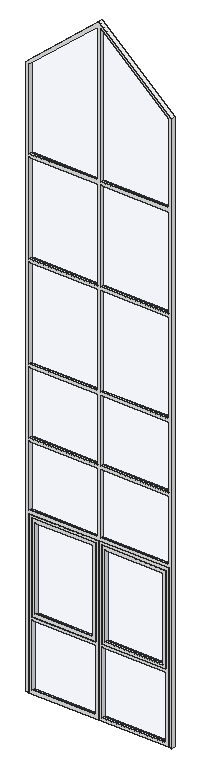
Revit family "GNW_A3-AL02-Clerestorey", category Doors, host Wall, Revit 2016
Family settings
  Host = Wall
  Always vertical = Yes
  Cut with Voids When Loaded = No
  Shared = No
  Room Calculation Point = No
Parameters (values of type "AL02")
  Function = Interior
  Frame Projection Ext. = 25 mm
  Frame Projection Int. = 25 mm
  Frame Width = 75 mm
  Height = 8315 mm
  Wall Closure = By host
  Width = 2200 mm
  Construction Type = "AL02"
  Bumper Rail Height = 1020 mm
  Assembly Code = ""
Reference planes
  plane 1: y = 0
  plane 2 "Center (Left/Right)": x = 0
  plane 3 "Left": x = -1100
  plane 4 "Right": x = 1100
  plane 5: z = 2465
  plane 6 "Exterior": y = 172.5
  plane 7 "Interior": y = -172.5
  plane 8: z = 1020
  plane 9: z = 1232.5
  plane 10: z = 5865
  plane 11: z = 3400
  plane 12: z = 4420
  plane 13: z = 9575
  plane 14: z = 8653
Forms (mm)
  Extrusion 1, solid, material "Aluminium"
    sketch origin (0, 172.5, 0) x (1, 0, 0) y (0, 0, 1)
      loop
        line (1055, 5865) -> (1055, 7242.5) -> (22.5, 7242.5) -> (22.5, 5865) -> (1055, 5865)
      loop
        line (1100, 0) -> (1100, 8516.283) -> (0, 9438.283) -> (-1100, 8516.283) -> (-1100, 0) -> (-1055, 0) -> (-1055, 2420) -> (1055, 2420) -> (1055, 0) -> (1100, 0)
      loop
        line (1055, 5820) -> (22.5, 5820) -> (22.5, 4442.5) -> (1055, 4442.5) -> (1055, 5820)
      loop
        line (-1055, 5820) -> (-1055, 4442.5) -> (-22.5, 4442.5) -> (-22.5, 5820) -> (-1055, 5820)
      loop
        line (1055, 2465) -> (1055, 3400) -> (22.5, 3400) -> (22.5, 2465) -> (1055, 2465)
      loop
        line (-22.5, 2465) -> (-22.5, 3400) -> (-1055, 3400) -> (-1055, 2465) -> (-22.5, 2465)
      loop
        line (1055, 3445) -> (1055, 4397.5) -> (22.5, 4397.5) -> (22.5, 3445) -> (1055, 3445)
      loop
        line (-22.5, 4397.5) -> (-1055, 4397.5) -> (-1055, 3445) -> (-22.5, 3445) -> (-22.5, 4397.5)
      loop
        line (1055, 8495.285) -> (22.5, 9360.707) -> (22.5, 7287.5) -> (1055, 7287.5) -> (1055, 8495.285)
      loop
        line (-22.5, 9360.707) -> (-1055, 8495.285) -> (-1055, 7287.5) -> (-22.5, 7287.5) -> (-22.5, 9360.707)
      loop
        line (-22.5, 5865) -> (-22.5, 7242.5) -> (-1055, 7242.5) -> (-1055, 5865) -> (-22.5, 5865)
    from 0 to 45
  Extrusion 2, solid, material "Aluminium"
    sketch origin (0, 172.5, 0) x (1, 0, 0) y (0, 0, 1)
      loop
        line (1055, 2420) -> (0, 2420) -> (0, 0) -> (1055, 0) -> (1055, 2420)
      loop
        line (1010, 1042.5) -> (1010, 2375) -> (45, 2375) -> (45, 1042.5) -> (1010, 1042.5)
      loop
        line (1010, 45) -> (1010, 997.5) -> (45, 997.5) -> (45, 45) -> (1010, 45)
    from 0 to 45
  Extrusion 3, solid, material "Aluminium"
    sketch origin (0, 172.5, 0) x (-1, 0, 0) y (0, 0, -1)
      loop
        line (1055, -2420) -> (1055, 0) -> (0, 0) -> (0, -2420) -> (1055, -2420)
      loop
        line (1010, -1042.5) -> (45, -1042.5) -> (45, -2375) -> (1010, -2375) -> (1010, -1042.5)
      loop
        line (1010, -45) -> (45, -45) -> (45, -997.5) -> (1010, -997.5) -> (1010, -45)
    from 0 to 45
  Extrusion 4, solid, material "Glass"
    sketch origin (0, 172.5, 0) x (1, 0, 0) y (0, 0, 1)
      loop
        line (965, 2330) -> (90, 2330) -> (90, 1087.5) -> (965, 1087.5) -> (965, 2330)
      loop
        line (-90, 2330) -> (-965, 2330) -> (-965, 1087.5) -> (-90, 1087.5) -> (-90, 2330)
      loop
        line (1010, 997.5) -> (45, 997.5) -> (45, 45) -> (1010, 45) -> (1010, 997.5)
      loop
        line (-45, 997.5) -> (-1010, 997.5) -> (-1010, 45) -> (-45, 45) -> (-45, 997.5)
      loop
        line (1055, 5820) -> (22.5, 5820) -> (22.5, 4442.5) -> (1055, 4442.5) -> (1055, 5820)
      loop
        line (-22.5, 5820) -> (-1055, 5820) -> (-1055, 4442.5) -> (-22.5, 4442.5) -> (-22.5, 5820)
      loop
        line (-22.5, 4397.5) -> (-1055, 4397.5) -> (-1055, 3445) -> (-22.5, 3445) -> (-22.5, 4397.5)
      loop
        line (1055, 4397.5) -> (22.5, 4397.5) -> (22.5, 3445) -> (1055, 3445) -> (1055, 4397.5)
      loop
        line (1055, 3400) -> (22.5, 3400) -> (22.5, 2465) -> (1055, 2465) -> (1055, 3400)
      loop
        line (-22.5, 3400) -> (-1055, 3400) -> (-1055, 2465) -> (-22.5, 2465) -> (-22.5, 3400)
      loop
        line (1055, 7242.5) -> (22.5, 7242.5) -> (22.5, 5865) -> (1055, 5865) -> (1055, 7242.5)
      loop
        line (-22.5, 7242.5) -> (-1055, 7242.5) -> (-1055, 5865) -> (-22.5, 5865) -> (-22.5, 7242.5)
      loop
        line (1055, 8495.285) -> (22.5, 9360.707) -> (22.5, 7287.5) -> (1055, 7287.5) -> (1055, 8495.285)
      loop
        line (-22.5, 9360.707) -> (-1055, 8495.285) -> (-1055, 7287.5) -> (-22.5, 7287.5) -> (-22.5, 9360.707)
    from 17.5 to 27.5
  Extrusion 5, solid, material "Aluminium"
    sketch origin (0, 172.5, 0) x (1, 0, 0) y (0, 0, 1)
      loop
        line (1010, 2375) -> (45, 2375) -> (45, 1042.5) -> (1010, 1042.5) -> (1010, 2375)
      loop
        line (-45, 2375) -> (-1010, 2375) -> (-1010, 1042.5) -> (-45, 1042.5) -> (-45, 2375)
      loop
        line (965, 2330) -> (90, 2330) -> (90, 1087.5) -> (965, 1087.5) -> (965, 2330)
      loop
        line (-90, 2330) -> (-965, 2330) -> (-965, 1087.5) -> (-90, 1087.5) -> (-90, 2330)
    from 0 to 45
Lines and regions (mm)
  Opening 1
    outline origin (-3050, -172.5, 0) x (1, 0, 0) y (0, 0, 1)
      loop
        line (1950, 0) -> (4150, 0) -> (4150, 8516.283) -> (3050, 9438.283) -> (1950, 8516.283) -> (1950, 0)
  symbolic lines, style "DoorsHiddenLines"
    curve 1: line (0, -172.5, 1232.5) -> (-1100, -172.5, 0)
    curve 2: line (0, 172.5, 1232.5) -> (-1100, 172.5, 2465)
    curve 3: line (0, -172.5, 1232.5) -> (1100, -172.5, 0)
    curve 4: line (0, 172.5, 1232.5) -> (1100, 172.5, 2465)
    curve 5: line (1010, 172.5, 2375) -> (527.5, 172.5, 1087.5)
    curve 9: line (45, 172.5, 2375) -> (527.5, 172.5, 1087.5)
    curve 10: line (-1010, 172.5, 2375) -> (-527.5, 172.5, 1087.5)
    curve 11: line (-45, 172.5, 2375) -> (-527.5, 172.5, 1087.5)
  symbolic lines, style "Plan Swing", detail levels fine
    curve 6: line (1100.001, 172.5, 0) -> (1100.001, 1271.957, 0)
    curve 13: line (-1054.997, 172.5, 0) -> (-1054.997, 1272.88, 0)
    curve 14: line (-1100.007, 172.5, 0) -> (-1054.997, 172.5, 0)
    curve 15: line (-1100.007, 1272.88, 0) -> (-1100.007, 172.5, 0)
    curve 16: line (-1100.007, 1272.88, 0) -> (-1054.997, 1272.88, 0)
    curve 17: line (1054.997, 172.5, 0) -> (1054.997, 1272.88, 0)
    curve 18: line (1100.007, 172.5, 0) -> (1054.997, 172.5, 0)
    curve 19: line (1100.007, 1272.88, 0) -> (1100.007, 172.5, 0)
    curve 20: line (1100.007, 1272.88, 0) -> (1054.997, 1272.88, 0)
  symbolic lines, style "DoorsHiddenLines", detail levels fine
    curve 7: arc (-0.18, 172.493, 0) -> (1063.596, 1272.58, 0) -> (2127.353, 172.473, 0) r 1064.366
    curve 8: arc (-0.18, 172.493, 0) -> (-1063.786, 1272.439, 0) -> (-2127.395, 172.497, 0) r 1064.208
  symbolic lines, style "Plan Swing"
    curve 12: line (-0.18, 172.493, 0) -> (-0.18, 243.97, 0)
Text (mm)
  text "Exterior" at (-2295.016, 1099.543, 0), in view "Ref. Level"
  text "Exterior" at (0, 1615.38, 3698.081), in view "Left"
  text "Exterior" at (0, 1036.032, 3874.932), in view "Right"
Dimensions and locks
  equal spacing: plane 3 "Left", plane 2 "Center (Left/Right)", plane 4 "Right"
  "Width": plane 3 "Left" to plane 4 "Right"
  equal spacing: host wall, curve 1, plane 5
  equal spacing: host wall, curve 2, plane 5
  locked: plane 6 "Exterior" to host wall at 0
  locked: plane 7 "Interior" to host wall
  "Bumper Rail Height": level to plane 8
  equal spacing: level, plane 9, plane 5
  plane 5 to plane 10 = 3400 mm
  plane 10 to plane 14 = 2788 mm
  plane 11 to plane 10 = 2465 mm
  aligned and locked: plane 3 "Left" to Opening 1 sketch curve
  aligned and locked: Opening 1 sketch curve to plane 4 "Right"
  aligned and locked: Opening 1 sketch curve to level
  aligned and locked: plane 3 "Left" to curve 1
  aligned and locked: plane 1 to host wall
Automatic sketch dimensions
  curve 2 to plane 3 "Left" = 0 mm
  curve 2 to plane 5 = 0 mm
  curve 1 to level = 0 mm
  curve 2 to plane 2 "Center (Left/Right)" = 0 mm
  curve 1 to plane 2 "Center (Left/Right)" = 0 mm
  curve 3 to plane 2 "Center (Left/Right)" = 0 mm
  curve 3 to level = 0 mm
  curve 3 to plane 4 "Right" = 0 mm
  curve 3 to plane 9 = 0 mm
  curve 4 to plane 4 "Right" = 0 mm
  curve 4 to plane 2 "Center (Left/Right)" = 0 mm
  curve 4 to plane 9 = 0 mm
  curve 4 to plane 5 = 0 mm
  Extrusion 2 sketch curve to plane 2 "Center (Left/Right)" = 0 mm
  Extrusion 2 sketch curve to level = 0 mm
  plane 2 "Center (Left/Right)" to Extrusion 2 sketch curve = 45 mm
  Extrusion 2 sketch curve to Extrusion 2 sketch curve = 0 mm  (x2)
  Extrusion 2 sketch curve to plane 8 = 22.5 mm
  plane 4 "Right" to Extrusion 2 sketch curve = 90 mm
  plane 8 to Extrusion 2 sketch curve = 22.5 mm
  plane 4 "Right" to Extrusion 2 sketch curve = 45 mm
  level to Extrusion 2 sketch curve = 45 mm
  plane 5 to Extrusion 2 sketch curve = 90 mm
  plane 5 to Extrusion 2 sketch curve = 45 mm
  Extrusion 3 sketch curve to plane 2 "Center (Left/Right)" = 0 mm
  Extrusion 3 sketch curve to level = 0 mm
  plane 2 "Center (Left/Right)" to Extrusion 3 sketch curve = 45 mm
  Extrusion 3 sketch curve to Extrusion 3 sketch curve = 0 mm  (x2)
  plane 8 to Extrusion 3 sketch curve = 22.5 mm
  plane 3 "Left" to Extrusion 3 sketch curve = 90 mm
  plane 3 "Left" to Extrusion 3 sketch curve = 45 mm
  Extrusion 3 sketch curve to level = 45 mm
  Extrusion 3 sketch curve to plane 8 = 22.5 mm
  Extrusion 3 sketch curve to plane 5 = 90 mm
  Extrusion 3 sketch curve to plane 5 = 45 mm
  Extrusion 5 sketch curve to plane 3 "Left" = 90 mm
  Extrusion 5 sketch curve to plane 2 "Center (Left/Right)" = 45 mm
  plane 2 "Center (Left/Right)" to Extrusion 5 sketch curve = 45 mm
  plane 8 to Extrusion 5 sketch curve = 22.5 mm  (x2)
  plane 4 "Right" to Extrusion 5 sketch curve = 90 mm
  plane 5 to Extrusion 5 sketch curve = 90 mm  (x2)
  Extrusion 5 sketch curve to Extrusion 5 sketch curve = 45 mm  (x8)
  Extrusion 4 sketch curve to plane 3 "Left" = 45 mm  (x5)
  Extrusion 4 sketch curve to plane 8 = 22.5 mm  (x2)
  Extrusion 4 sketch curve to plane 3 "Left" = 90 mm
  Extrusion 4 sketch curve to plane 3 "Left" = 135 mm
  Extrusion 4 sketch curve to plane 2 "Center (Left/Right)" = 90 mm
  Extrusion 4 sketch curve to plane 2 "Center (Left/Right)" = 45 mm
  Extrusion 4 sketch curve to plane 2 "Center (Left/Right)" = 22.5 mm  (x5)
  plane 2 "Center (Left/Right)" to Extrusion 4 sketch curve = 22.5 mm  (x5)
  plane 2 "Center (Left/Right)" to Extrusion 4 sketch curve = 45 mm
  plane 2 "Center (Left/Right)" to Extrusion 4 sketch curve = 90 mm
  plane 4 "Right" to Extrusion 4 sketch curve = 135 mm
  plane 4 "Right" to Extrusion 4 sketch curve = 90 mm
  plane 4 "Right" to Extrusion 4 sketch curve = 45 mm  (x4)
  level to Extrusion 4 sketch curve = 45 mm  (x2)
  plane 8 to Extrusion 4 sketch curve = 67.5 mm  (x2)
  plane 5 to Extrusion 4 sketch curve = 135 mm  (x2)
  plane 11 to Extrusion 4 sketch curve = 45 mm  (x2)
  Extrusion 4 sketch curve to plane 12 = 22.5 mm  (x2)
  plane 12 to Extrusion 4 sketch curve = 22.5 mm  (x2)
  Extrusion 4 sketch curve to plane 10 = 45 mm  (x2)
  Extrusion 4 sketch curve to plane 11 = 0 mm  (x2)
  Extrusion 4 sketch curve to plane 5 = 0 mm  (x2)
  Extrusion 4 sketch curve to Extrusion 4 sketch curve = 0 mm  (x4)
  curve 10 to plane 3 "Left" = 90 mm
  plane 8 to curve 10 = 67.5 mm
  curve 10 to plane 2 "Center (Left/Right)" = 527.5 mm
  curve 11 to plane 2 "Center (Left/Right)" = 45 mm
  plane 2 "Center (Left/Right)" to curve 9 = 45 mm
  plane 8 to curve 9 = 67.5 mm
  plane 2 "Center (Left/Right)" to curve 9 = 527.5 mm
  plane 4 "Right" to curve 5 = 90 mm
  plane 5 to curve 10 = 90 mm
  plane 5 to curve 11 = 90 mm
  curve 9 to curve 11 = 0 mm
  plane 5 to curve 5 = 90 mm
  Opening 1 sketch curve to plane 2 "Center (Left/Right)" = 0 mm
  plane 14 to Opening 1 sketch curve = 136.717 mm  (x2)
  Opening 1 sketch curve to plane 13 = 136.717 mm
  Extrusion 1 sketch curve to level = 0 mm  (x2)
  Extrusion 1 sketch curve to plane 3 "Left" = 0 mm
  Extrusion 1 sketch curve to plane 10 = 0 mm  (x2)
  Extrusion 1 sketch curve to plane 11 = 0 mm  (x2)
  Extrusion 1 sketch curve to plane 5 = 0 mm  (x2)
  plane 2 "Center (Left/Right)" to Extrusion 1 sketch curve = 0 mm
  Extrusion 1 sketch curve to plane 4 "Right" = 0 mm
  plane 14 to Extrusion 1 sketch curve = 136.717 mm  (x2)
  Extrusion 1 sketch curve to plane 13 = 136.717 mm
  Extrusion 1 sketch curve to plane 3 "Left" = 45 mm  (x5)
  Extrusion 1 sketch curve to plane 2 "Center (Left/Right)" = 22.5 mm  (x5)
  plane 2 "Center (Left/Right)" to Extrusion 1 sketch curve = 22.5 mm  (x5)
  plane 14 to Extrusion 1 sketch curve = 157.715 mm
  plane 4 "Right" to Extrusion 1 sketch curve = 45 mm  (x5)
  Extrusion 1 sketch curve to Extrusion 1 sketch curve = 0 mm  (x4)
  plane 5 to Extrusion 1 sketch curve = 45 mm
  Extrusion 1 sketch curve to Extrusion 1 sketch curve = 45 mm  (x5)
  Extrusion 1 sketch curve to plane 12 = 22.5 mm  (x2)
  plane 12 to Extrusion 1 sketch curve = 22.5 mm  (x2)
  Extrusion 1 sketch curve to plane 10 = 45 mm
  Extrusion 1 sketch curve to Extrusion 1 sketch curve = 1377.5 mm
  Extrusion 4 sketch curve to plane 10 = 0 mm  (x2)
  Extrusion 4 sketch curve to Extrusion 4 sketch curve = 1377.5 mm
  Extrusion 1 sketch curve to Extrusion 1 sketch curve = 77.576 mm
  Extrusion 1 sketch curve to Extrusion 1 sketch curve = 20.999 mm
  Extrusion 4 sketch curve to Extrusion 4 sketch curve = 45 mm
  plane 14 to Extrusion 4 sketch curve = 157.715 mm  (x2)
  Extrusion 4 sketch curve to plane 13 = 214.293 mm
  curve 15 to host wall = 0 mm
  curve 18 to host wall = 0 mm
  curve 6 to host wall = 0 mm
  curve 8 to host wall = 0.003 mm
  plane 3 "Left" to curve 8 = 1027.395 mm
  plane 3 "Left" to curve 15 = 0.007 mm
  curve 8 to plane 3 "Left" = 36.212 mm
  curve 13 to plane 3 "Left" = 45.003 mm
  curve 8 to host wall = 0.007 mm
  plane 4 "Right" to curve 17 = 45.003 mm
  plane 4 "Right" to curve 7 = 36.413 mm
  curve 6 to plane 4 "Right" = 0.001 mm
  curve 19 to plane 4 "Right" = 0.007 mm
  curve 7 to host wall = 0.027 mm
  host wall to curve 7 = 35.713 mm
  host wall to curve 8 = 35.732 mm
  curve 8 to curve 16 = 1064.648 mm
  curve 6 to curve 19 = 0.923 mm
